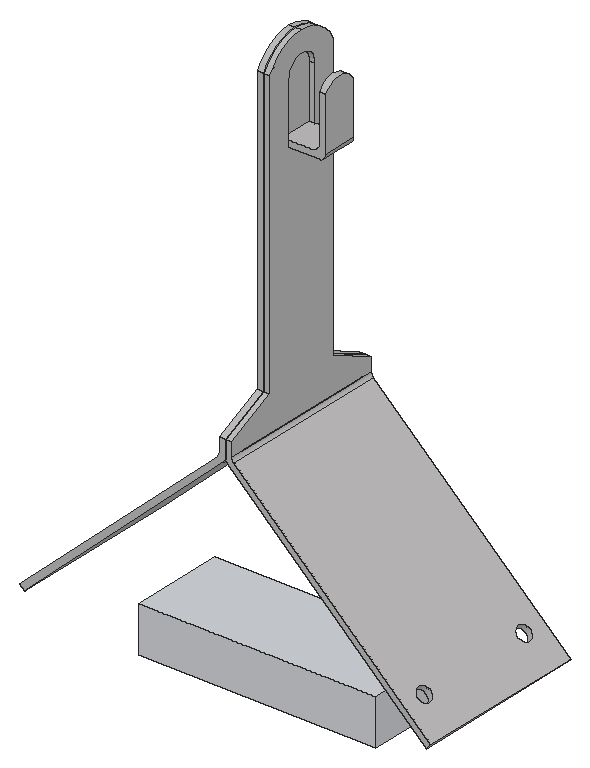
Revit family "IEK_Держатель проводника круглого_8-10мм_Для конька 110мм_Оцинкованная сталь", category Обобщенные модели, Revit 2019
Family settings
  Основа = Грань
  Может служить основой для арматурных стержней = Нет
  Размер круглого соединителя = Использовать диаметр
  Тип детали = Нормальный
  При загрузке вырезать с полостями = Нет
  Общий = Да
  Точка расчета площади = Нет
Parameters (values of type "8-10_110_Сталь оцинкованная")
  Default Elevation = 0 mm
  Description = ""
  KSI_CPr_Строительные изделия = ""
  KSI_CMa_Строительные материалы = "24.10.35.000.08.3.05.06-0001"
  IEK_Цена за единицу = 248
  IEK_Поиск в таблице имен = ""
  IEK_Описание = "Универсальная конструкция держателя позволяет использовать его с проводниками различной формы и габаритами."
  IEK_URL = "hhttps://www.iek.ru/products/catalog/sistemy_dlya_prokladki_kabelya/molniezashchita_i_zazemlenie/passivnaya_molniezashchita_i_zazemlenie/derzhateli/derzhatel_provodnika_kruglogo_8_10mm_dlya_konka_h_110mm_otsinkovannaya_stal_iek"
  ADSK_Примечание = ""
  ADSK_Позиция [instance] = ""
  ADSK_Наименование = "Дер. пров. кругл. 8-10мм для конька h=110мм оц. сталь IEK"
  ADSK_Материал обозначение = ""
  ADSK_Материал наименование = "Сталь оцинкованная"
  ADSK_Материал = Сталь оцинкованная
  ADSK_Масса = 0.25
  ADSK_Марка = ""
  ADSK_Код изделия = "ZDP80-11-4-18-110"
  ADSK_Завод-изготовитель = "IEK"  # constant formula
  ADSK_Единица измерения = "шт"  # constant formula
  ADSK_Группирование = "VIII. ЭЛЕМЕНТЫ ВНЕШНЕЙ МОЛНИЕЗАЩИТЫ"  # constant formula
  ADSK_Версия семейства = "1.0"  # constant formula
  ADSK_Версия Revit = "2019"  # constant formula
  ADSK_URL страницы изделия = "https://www.iek.ru/products/catalog/sistemy_dlya_prokladki_kabelya/molniezashchita_i_zazemlenie/passivnaya_molniezashchita_i_zazemlenie/derzhateli/"
Reference planes
  plane 1 "По центру (Вперед/Назад)": y = 0
  plane 2: z = 0
  plane 3 "По центру (Влево/Вправо)": x = 0
  plane 4: x = -65
  plane 5: z = 170
  plane 6: y = 27.5
  plane 7: z = 60
  plane 8: x = 65
  plane 9: y = -27.5
Forms (mm)
  Extrusion 1, solid
    sketch origin (0, 0, 0) x (1, 0, 0) y (0, 1, 0)
      loop
        line (-37.5, 15) -> (-37.5, -15) -> (37.5, -15) -> (37.5, 15) -> (-37.5, 15)
    from 0 to -14.533
  Extrusion 2, solid, material "Сталь оцинкованная" <- "ADSK_Материал"
    sketch origin (0, 0, 0) x (1, 0, 0) y (0, 0, 1)
      loop
        line (0, 170) -> (0, 60.002)
        arc (0, 60.002) -> (0.166, 59.203) -> (0.638, 58.537) r 2
        line (0.638, 58.537) -> (63.586, 0) -> (65, 1.414) -> (2.628, 59.416)
        arc (2.628, 59.416) -> (2.164, 60.071) -> (2, 60.858) r 1.969
        line (2, 60.858) -> (2, 139.119) -> (12, 139.119)
        arc (12, 139.119) -> (13.414, 139.705) -> (14, 141.119) r 2
        line (14, 141.119) -> (14, 161.119) -> (12, 161.119) -> (12, 143.071)
        arc (12, 143.071) -> (11.428, 141.691) -> (10.048, 141.119) r 1.952
        line (10.048, 141.119) -> (2, 141.119) -> (2, 170) -> (0, 170)
    from -27.5 to 27.5
  Extrusion 3, void
    sketch origin (0, 0, 0) x (0, 1, 0) y (0, 0, 1)
      loop
        line (12.5, 162.205) -> (12.5, 72.205) -> (27.5, 65.21) -> (37.5, 65.21) -> (37.5, 175.21) -> (37.5, 177.56) -> (0, 177.56) -> (-37.5, 177.56) -> (-37.5, 175.21) -> (-37.5, 65.21) -> (-27.5, 65.21) -> (-12.5, 72.205) -> (-12.5, 162.205)
        arc (-12.5, 162.205) -> (-7.301, 167.787) -> (0, 170) r 14.654
        arc (0, 170) -> (7.301, 167.787) -> (12.5, 162.205) r 14.654
    from -17.819 to 20.804
  Extrusion 4, void
    sketch origin (0, 0, 0) x (0, 1, 0) y (0, 0, 1)
      loop
        line (12.5, 139.119) -> (12.5, 162.205) -> (0, 162.205) -> (-12.5, 162.205) -> (-12.5, 139.119) -> (-5.345, 139.119) -> (-5.345, 158.054)
        arc (-5.345, 158.054) -> (0, 161.051) -> (5.345, 158.054) r 6.265
        line (5.345, 158.054) -> (5.345, 139.119) -> (12.5, 139.119)
    from 2 to 14
  Extrusion 5, solid, material "Сталь оцинкованная" <- "ADSK_Материал"
    sketch origin (0, 0, 0) x (-1, 0, 0) y (0, 0, -1)
      loop
        line (0, -170) -> (2, -170) -> (2, -141.119) -> (10.048, -141.119)
        arc (10.048, -141.119) -> (11.428, -141.691) -> (12, -143.071) r 1.952
        line (12, -143.071) -> (12, -161.119) -> (14, -161.119) -> (14, -141.119)
        arc (14, -141.119) -> (13.414, -139.705) -> (12, -139.119) r 2
        line (12, -139.119) -> (2, -139.119) -> (2, -60.858)
        arc (2, -60.858) -> (2.164, -60.071) -> (2.628, -59.416) r 1.969
        line (2.628, -59.416) -> (65, -1.414) -> (63.586, 0) -> (0.638, -58.537)
        arc (0.638, -58.537) -> (0.166, -59.203) -> (0, -60.002) r 2
        line (0, -60.002) -> (0, -170)
    from -27.5 to 27.5
  Extrusion 6, void
    sketch origin (0, 0, 0) x (1, 0, 0) y (0, 0, 1)
      loop
        line (-18.601, 161.672) -> (-18.601, 136.895) -> (-2, 136.895) -> (-2, 161.672) -> (-18.601, 161.672)
    from -27.5 to 27.5
  Extrusion 7, void
    sketch origin (0, 0, 0) x (0, 1, 0) y (0, 0, 1)
      loop
        line (5.345, 141.119) -> (5.345, 158.054)
        arc (5.345, 158.054) -> (0, 163.399) -> (-5.345, 158.054) r 5.345
        line (-5.345, 158.054) -> (-5.345, 141.119) -> (5.345, 141.119)
    from 0 to 2
  Extrusion 8, void
    sketch origin (-33.703, 0, 28.161) x (0.707107, 0, 0.707107) y (0, 1, 0)
      loop
        circle (-29.5, 19.717) r 2.543
      loop
        circle (-29.5, -19.717) r 2.543
    from 0 to 3
  Extrusion 9, void
    sketch origin (33.703, 0, 28.161) x (-0.707107, 0, 0.707107) y (0, -1, 0)
      loop
        circle (-29.5, -19.717) r 2.543
      loop
        circle (-29.5, 19.717) r 2.543
    from 0 to 3
Cuts and joins
  Extrusion 3, Extrusion 4, Extrusion 7, Extrusion 9 cuts Extrusion 2
  Extrusion 3, Extrusion 6, Extrusion 7, Extrusion 8, Extrusion 9 cuts Extrusion 5
Dimensions and locks
  plane 8 to plane 4 = 130 mm
  plane 5 to level = 170 mm
  plane 9 to plane 6 = 55 mm
  plane 5 to plane 7 = 110 mm
  aligned and locked: plane 2 to Extrusion 1
  aligned and locked: level to Extrusion 1
